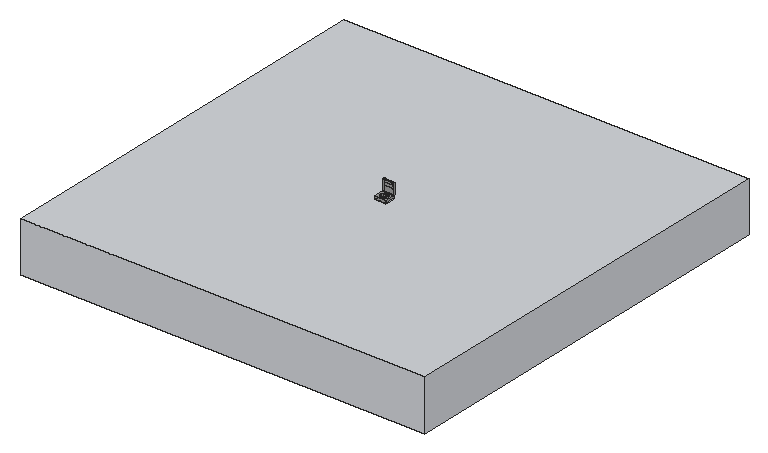
Revit family "2CKA002064A0301", category Electrical Fixtures, host Face, Revit 2014
Parameters
  White = White
  Metal = Metal
  Default Elevation = 1219.2 mm
Reference planes
  plane 1 "Center (Front/Back)": y = 0
  plane 2: z = 0
  plane 3 "Center (Left/Right)": x = 0
Forms (mm)
  Extrusion 1, solid
    sketch origin (0, 0, 0) x (1, 0, 0) y (0, 1, 0)
      loop
        line (-1219.2, 1219.2) -> (-1219.2, -1219.2) -> (1219.2, -1219.2) -> (1219.2, 1219.2) -> (-1219.2, 1219.2)
    from 0 to -304.8
  Extrusion 2, solid, material "White", detail levels medium
    sketch origin (0, 0, 0) x (1, 0, 0) y (0, 1, 0)
      loop
        circle (0, 0) r 20
      loop
        line (35, 31) -> (-35, 31) -> (-35, -31) -> (35, -31) -> (35, 31)
    from 0 to 14
  Extrusion 3, solid, material "White", detail levels medium+fine
    sketch origin (0, 0, 0) x (1, 0, 0) y (0, 1, 0)
      loop
        circle (0, 0) r 20
      loop
        circle (-10.2, 0) r 2.25
      loop
        circle (10.2, 0) r 2.25
    from 0 to 2.127
  Extrusion 4, solid, material "White", detail levels fine
    sketch origin (0, 0, 0) x (1, 0, 0) y (0, 1, 0)
      loop
        arc (-17, 10.536) -> (-18.855, 6.671) -> (-19.843, 2.5) r 20
        line (-19.843, 2.5) -> (-17, 2.5) -> (-17, 10.536)
      loop
        line (-17, -10.536) -> (-17, -2.5) -> (-19.843, -2.5)
        arc (-19.843, -2.5) -> (-18.855, -6.671) -> (-17, -10.536) r 20
      loop
        line (17, 10.536) -> (17, 2.5) -> (19.843, 2.5)
        arc (19.843, 2.5) -> (18.855, 6.671) -> (17, 10.536) r 20
      loop
        arc (17, -10.536) -> (18.855, -6.671) -> (19.843, -2.5) r 20
        line (19.843, -2.5) -> (17, -2.5) -> (17, -10.536)
    from 2.127 to 14
  Extrusion 5, solid, material "White", detail levels fine
    sketch origin (0, 0, 0) x (1, 0, 0) y (0, 1, 0)
      loop
        line (-2.5, 19.843) -> (-2.5, 17) -> (2.5, 17) -> (2.5, 19.843)
        arc (2.5, 19.843) -> (0, 20) -> (-2.5, 19.843) r 20
      loop
        arc (-2.5, -19.843) -> (0, -20) -> (2.5, -19.843) r 20
        line (2.5, -19.843) -> (2.5, -17) -> (-2.5, -17) -> (-2.5, -19.843)
    from 2.127 to 14
  Extrusion 6, solid, material "White", detail levels coarse
    sketch origin (-1.371, 2.085, 0) x (1, 0, 0) y (0, 1, 0)
      loop
        line (-33.629, 35.915) -> (-33.629, -33.085) -> (36.371, -33.085) -> (36.371, 35.915) -> (-33.629, 35.915)
    from -27 to 16
  Extrusion 7, solid, material "White" <- "White", detail levels fine
    sketch origin (0, 0, 0) x (1, 0, 0) y (0, 1, 0)
      loop
        arc (-34, 31) -> (-34.707, 30.707) -> (-35, 30) r 1
        line (-35, 30) -> (-35, -30)
        arc (-35, -30) -> (-34.707, -30.707) -> (-34, -31) r 1
        line (-34, -31) -> (34, -31)
        arc (34, -31) -> (34.707, -30.707) -> (35, -30) r 1
        line (35, -30) -> (35, 30)
        arc (35, 30) -> (34.707, 30.707) -> (34, 31) r 1
        line (34, 31) -> (-34, 31)
      loop
        circle (0, 0) r 20
    from 0 to 14
  Extrusion 8, solid, material "White", detail levels medium
    sketch origin (0, 0, 0) x (1, 0, 0) y (0, 1, 0)
      loop
        circle (-10.2, 0) r 2.25
      loop
        circle (10.2, 0) r 2.25
    from 0 to 2.127
  Extrusion 9, solid, material "White", detail levels medium+fine
    sketch origin (0, 0, 0) x (1, 0, 0) y (0, 1, 0)
      loop
        circle (0, 0) r 20
      loop
        circle (0, 0) r 22
    from 14 to 16
  Extrusion 10, solid, material "White", detail levels medium
    sketch origin (0, -4, 0) x (0, 1, 0) y (0, 0, 1)
      loop
        line (35, 14) -> (42, 14) -> (42, 83) -> (35, 83) -> (35, 14)
    from -35 to 35
  Extrusion 11, solid, material "White", detail levels fine
    sketch origin (0, -4, 0) x (0, 1, 0) y (0, 0, 1)
      loop
        line (35, 14) -> (41, 14)
        arc (41, 14) -> (41.707, 14.293) -> (42, 15) r 1
        line (42, 15) -> (42, 48.5) -> (40.5, 48.5) -> (40.5, 63.5) -> (42, 63.5) -> (42, 82)
        arc (42, 82) -> (41.707, 82.707) -> (41, 83) r 1
        line (41, 83) -> (35, 83) -> (35, 81.5) -> (40, 81.5)
        arc (40, 81.5) -> (40.707, 81.207) -> (41, 80.5) r 1
        line (41, 80.5) -> (41, 64.917) -> (40, 64.917) -> (40, 47.031) -> (41, 47.031) -> (41, 16.5)
        arc (41, 16.5) -> (40.707, 15.793) -> (40, 15.5) r 1
        line (40, 15.5) -> (35, 15.5) -> (35, 14)
    from -34 to 34
  Extrusion 12, solid, material "White", detail levels fine
    sketch origin (0, -4, 0) x (0, 1, 0) y (0, 0, 1)
      loop
        line (41, 83) -> (35, 83) -> (35, 14) -> (41, 14)
        arc (41, 14) -> (41.707, 14.293) -> (42, 15) r 1
        line (42, 15) -> (42, 82)
        arc (42, 82) -> (41.707, 82.707) -> (41, 83) r 1
    from -35 to -34
  Extrusion 13, solid, material "Glass", detail levels fine
    sketch origin (0, -4, 0) x (0, 1, 0) y (0, 0, 1)
      loop
        line (42, 48.5) -> (42, 63.5) -> (40.5, 63.5) -> (40.5, 48.5) -> (42, 48.5)
    from -34 to 34
  Extrusion 14, solid, material "White", detail levels fine
    sketch origin (0, -4, 0) x (0, 1, 0) y (0, 0, -1)
      loop
        arc (41, -83) -> (41.707, -82.707) -> (42, -82) r 1
        line (42, -82) -> (42, -15)
        arc (42, -15) -> (41.707, -14.293) -> (41, -14) r 1
        line (41, -14) -> (35, -14) -> (35, -83) -> (41, -83)
    from -35 to -34
Lines and regions (mm)
  reference lines
    curve 1: line (0, 31, 0) -> (0, -31, 0)
  model lines, detail levels coarse
    curve 2: arc (20, 0, 16) -> (0, -20, 16) -> (-20, 0, 16) r 20
    curve 3: arc (-20, 0, 16) -> (0, 20, 16) -> (20, 0, 16) r 20
    curve 4: arc (-12.45, 0, 16) -> (-10.2, -2.25, 16) -> (-7.95, 0, 16) r 2.25
    curve 5: arc (-7.95, 0, 16) -> (-10.2, 2.25, 16) -> (-12.45, 0, 16) r 2.25
    curve 6: arc (7.95, 0, 16) -> (10.2, -2.25, 16) -> (12.45, 0, 16) r 2.25
    curve 7: arc (12.45, 0, 16) -> (10.2, 2.25, 16) -> (7.95, 0, 16) r 2.25
Dimensions and locks
  aligned and locked: plane 2 to Extrusion 1
  aligned and locked: level to Extrusion 1
  aligned and locked: plane 3 "Center (Left/Right)" to nested 1
  aligned and locked: plane 1 "Center (Front/Back)" to nested 1
Nested families
  nested 1: "SocketOneFoldWithEarth_DE-DE" at (0, 0, 0), type "SocketOneFoldWithEarth_DE-DE"
  nested 2: "Power Box" at (0, 0, 0), type "Power Box"
Connectors
  electrical at (0, 3.5, -27)
    settings: on Extrusion 6, index 1, voltage 230 V, apparent load 0 VA, apparent load phase1 0 VA, apparent load phase2 0 VA, apparent load phase3 0 VA, power factor 1, load classification "Other", number of poles 1, system type 30, power factor state 1, is connector primary yes, connector utility no, sub classification motor no, connector description ""
Definition of nested family "Power Box"
  Parameters (values of type "Power Box")
    White = White
    Default Elevation = 1219.2 mm
  Reference planes
    plane 1 "Center (Front/Back)": y = 0
    plane 2: z = 0
    plane 3 "Center (Left/Right)": x = 0
  Forms (mm)
    Extrusion 1, solid
      sketch origin (0, 0, 0) x (1, 0, 0) y (0, 1, 0)
        loop
          line (-1219.2, 1219.2) -> (-1219.2, -1219.2) -> (1219.2, -1219.2) -> (1219.2, 1219.2) -> (-1219.2, 1219.2)
      from 0 to -304.8
    Extrusion 2, solid, material "White" <- "White", detail levels fine
      sketch origin (0, 0, 0) x (1, 0, 0) y (0, 1, 0)
        loop
          line (29.5, 31) -> (-29.5, 31)
          arc (-29.5, 31) -> (-30.561, 30.561) -> (-31, 29.5) r 1.5
          line (-31, 29.5) -> (-31, 20.75)
          arc (-31, 20.75) -> (-31.439, 19.689) -> (-32.5, 19.25) r 1.5
          line (-32.5, 19.25) -> (-34, 19.25)
          arc (-34, 19.25) -> (-34.707, 18.957) -> (-35, 18.25) r 1
          line (-35, 18.25) -> (-35, -18.25)
          arc (-35, -18.25) -> (-34.707, -18.957) -> (-34, -19.25) r 1
          line (-34, -19.25) -> (-32.5, -19.25)
          arc (-32.5, -19.25) -> (-31.439, -19.689) -> (-31, -20.75) r 1.5
          line (-31, -20.75) -> (-31, -29.5)
          arc (-31, -29.5) -> (-30.561, -30.561) -> (-29.5, -31) r 1.5
          line (-29.5, -31) -> (29.5, -31)
          arc (29.5, -31) -> (30.561, -30.561) -> (31, -29.5) r 1.5
          line (31, -29.5) -> (31, -20.75)
          arc (31, -20.75) -> (31.439, -19.689) -> (32.5, -19.25) r 1.5
          line (32.5, -19.25) -> (34, -19.25)
          arc (34, -19.25) -> (34.707, -18.957) -> (35, -18.25) r 1
          line (35, -18.25) -> (35, 18.25)
          arc (35, 18.25) -> (34.707, 18.957) -> (34, 19.25) r 1
          line (34, 19.25) -> (32.5, 19.25)
          arc (32.5, 19.25) -> (31.439, 19.689) -> (31, 20.75) r 1.5
          line (31, 20.75) -> (31, 29.5)
          arc (31, 29.5) -> (30.561, 30.561) -> (29.5, 31) r 1.5
        loop
          arc (-3.315, 25.055) -> (1.182, 25.225) -> (5.65, 24.679) r 28.25
          arc (5.65, 24.679) -> (7.715, 26.044) -> (6.35, 28.109) r 1.75
          arc (6.35, 28.109) -> (1.253, 28.725) -> (-3.876, 28.513) r 31.75
          arc (-3.876, 28.513) -> (-8.961, 25.914) -> (-3.315, 25.055) r 3
        loop
          arc (-31.513, -3.876) -> (-28.914, -8.961) -> (-28.055, -3.315) r 3
          arc (-28.055, -3.315) -> (-28.225, 1.182) -> (-27.679, 5.65) r 28.25
          arc (-27.679, 5.65) -> (-29.044, 7.715) -> (-31.109, 6.35) r 1.75
          arc (-31.109, 6.35) -> (-31.725, 1.253) -> (-31.513, -3.876) r 31.75
        loop
          arc (-6.35, -28.109) -> (-1.253, -28.725) -> (3.876, -28.513) r 31.75
          arc (3.876, -28.513) -> (8.961, -25.914) -> (3.315, -25.055) r 3
          arc (3.315, -25.055) -> (-1.182, -25.225) -> (-5.65, -24.679) r 28.25
          arc (-5.65, -24.679) -> (-7.715, -26.044) -> (-6.35, -28.109) r 1.75
        loop
          arc (28.055, 3.315) -> (28.225, -1.182) -> (27.679, -5.65) r 28.25
          arc (27.679, -5.65) -> (29.044, -7.715) -> (31.109, -6.35) r 1.75
          arc (31.109, -6.35) -> (31.725, -1.253) -> (31.513, 3.876) r 31.75
          arc (31.513, 3.876) -> (28.914, 8.961) -> (28.055, 3.315) r 3
      from 0 to 1
    Extrusion 3, solid, material "White" <- "White", detail levels fine
      sketch origin (0, 0, 0) x (1, 0, 0) y (0, 1, 0)
        loop
          line (-14.935, 22.4) -> (-23.425, 13.91) -> (-23.425, -12.531) -> (-12.952, -23.005)
          arc (-12.952, -23.005) -> (7.533, -25.303) -> (23.425, -12.175) r 26.4
          line (23.425, -12.175) -> (23.425, 12.175) -> (13.2, 22.4) -> (-14.935, 22.4)
      from 0 to -27
    Extrusion 4, solid, material "White" <- "White", detail levels medium
      sketch origin (0, 0, 0) x (1, 0, 0) y (0, 1, 0)
        loop
          line (35, 31) -> (-35, 31) -> (-35, -31) -> (35, -31) -> (35, 31)
      from 0 to 1
    Extrusion 5, solid, material "White" <- "White", detail levels medium
      sketch origin (0, 0, 0) x (1, 0, 0) y (0, 1, 0)
        loop
          line (-23.425, 22.4) -> (-23.425, -26.4) -> (23.425, -26.4) -> (23.425, 22.4) -> (-23.425, 22.4)
      from 0 to -27
  Cuts and joins
    joined: Extrusion 2, Extrusion 3
  Dimensions and locks
    aligned and locked: plane 2 to Extrusion 1
    aligned and locked: level to Extrusion 1
  Connectors
    electrical at (-2.098, 3.311, -27)
      settings: on cut or joined group of Extrusion 2, Extrusion 3, index 1, voltage 250 V, apparent load 0 VA, apparent load phase1 0 VA, apparent load phase2 0 VA, apparent load phase3 0 VA, power factor 1, load classification "Other", number of poles 1, system type 30, power factor state 1, is connector primary yes, connector utility no, sub classification motor no, connector description ""
Definition of nested family "SocketOneFoldWithEarth_DE-DE"
  Reference planes
    plane 1: y = 0
    plane 2: x = 0
  Lines and regions (mm)
    detail lines
      curve 1: line (0, 0, 0) -> (0, 3.5, 0)
      curve 2: line (1.5, 3.5, 0) -> (-1.5, 3.5, 0)
      curve 3: arc (-1.5, 5, 0) -> (0, 3.5, 0) -> (1.5, 5, 0) r 1.5
